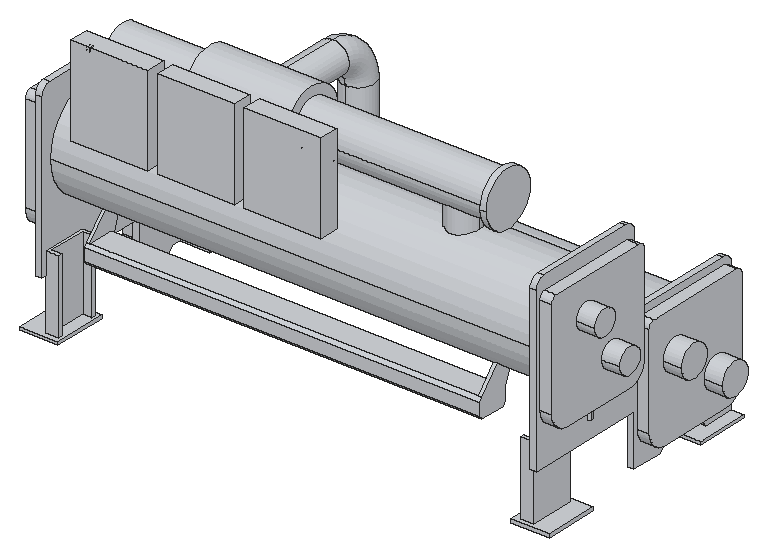
Revit family "M_Resfriador de ar de alta potência - Resfriado a água - 1055-1934 kW", category Equipamento mecânico, Revit 2019
Family settings
  Cota do conector redondo = Usar raio
  Tipo de parte = Normal
  Número OmniClass = 23.75.10.24.21.21.21
  Título OmniClass = Rotary-Screw Water Chillers
  ID de item do Seek = Screw Chiller - Water Cooled - 1055-1934 kW-0000-CAN-ENU
  Com base no plano de trabalho = Não
  Sempre na vertical = Sim
  Corte com vazios quando carregada = Não
  Compartilhado = Não
  Ponto de cálculo do ambiente = Não
Parameters (values of type "Trocador de calor tamanho 30-32")
  Voltagem = 460 V
  Estrutura visível4n5 = no
  Estrutura visível3 = yes
  Número de pólos = 3
  Classificação de carga = Refrigeração
  Raio da drenagem = 16 mm
  Fluxo da drenagem [instance] = 0.0 L/s
  Raio da água da refrigeração = Diâmetro da água da refrigeração / 2  # 125 mm
  Queda de pressão da água da refrigeração [instance] = 67600.0 Pa
  Fluxo da água da refrigeração [instance] = 118.0 L/s
  Diâmetro da água da refrigeração = 250 mm
  Capacidade de refrigeração [instance] = 1010000 W
  Largura do resfriador = 1930 mm
  Material do resfriador = none
  Comprimento do resfriador = 4350 mm
  Altura do resfriador = 2200 mm
  Raio da água resfriada = Diâmetro da água resfriada / 2  # 100 mm
  Queda de pressão da água resfriada [instance] = 66900.0 Pa
  Fluxo da água resfriada [instance] = 108.0 L/s
  Diâmetro da água resfriada = 200 mm
  C1 Deslocamento 2 = 1041 mm
  C1 Deslocamento 1 = 610 mm
  C2 Deslocamento 2 = 1422 mm
  C2 Deslocamento 1 = 361 mm
  C4 Deslocamento 2 = 762 mm
  C4 Deslocamento 1 = 1245 mm
  C3 Deslocamento 2 = 457 mm
  C3 Deslocamento 1 = 1651 mm
  Carga aparente = 192 VA
Types (7, lengths in mm): name | Estrutura visível4n5 | Estrutura visível3 | Raio da drenagem | Queda de pressão da água da refrigeração | Fluxo da água da refrigeração | Capacidade de refrigeração | Largura do resfriador | Comprimento do resfriador | Altura do resfriador | Queda de pressão da água resfriada | Fluxo da água resfriada | C1 Deslocamento 2 | C1 Deslocamento 1 | C2 Deslocamento 2 | C2 Deslocamento 1 | C4 Deslocamento 2 | C4 Deslocamento 1 | C3 Deslocamento 2 | C3 Deslocamento 1 | Carga aparente
  (no name) | no | yes | 16 | 67600.0 Pa | 118.0 L/s | 1010000 W | 1930 | 4350 | 2200 | 66900.0 Pa | 108.0 L/s | 1041 | 610 | 1422 | 361 | 762 | 1245 | 457 | 1651 | 192 VA
  Trocador de calor tamanho 30-32 | no | yes | 16 | 67600.0 Pa | 118.0 L/s | 1010000 W | 1930 | 4350 | 2200 | 66900.0 Pa | 108.0 L/s | 1041 | 610 | 1422 | 361 | 762 | 1245 | 457 | 1651 | 192 VA
  Trocador de calor tamanho 35-37 | no | yes | 16 | 67600.0 Pa | 118.0 L/s | 1010000 W | 1930 | 4871 | 2200 | 66900.0 Pa | 108.0 L/s | 1041 | 610 | 1422 | 361 | 762 | 1245 | 457 | 1651 | 192 VA
  Trocador de calor tamanho 40-42 | yes | no | 16 | 71100.0 Pa | 173.0 L/s | 1480000 W | 2045 | 4496 | 2299 | 70100.0 Pa | 154.0 L/s | 965 | 511 | 1473 | 511 | 838 | 1534 | 381 | 1534 | 300 VA
  Trocador de calor tamanho 45-47 | yes | no | 15.9 | 71100.0 Pa | 173.0 L/s | 1480000 W | 2045 | 5017 | 2299 | 70100.0 Pa | 154.0 L/s | 965 | 511 | 1473 | 511 | 838 | 1534 | 381 | 1534 | 300 VA
  Trocador de calor tamanho 50-52 | yes | no | 16 | 73500.0 Pa | 225.0 L/s | 1930000 W | 2127 | 4521 | 2305 | 72400.0 Pa | 200.0 L/s | 965 | 532 | 1473 | 532 | 838 | 1595 | 381 | 1595 | 401 VA
  Trocador de calor tamanho 55-57 | yes | no | 16 | 73500.0 Pa | 225.0 L/s | 1930000 W | 2127 | 5042 | 2305 | 72400.0 Pa | 200.0 L/s | 965 | 532 | 1473 | 532 | 838 | 1595 | 381 | 1595 | 401 VA
Reference planes
  plane 1 "Centro (Frente/Trás)": y = 0
  plane 2: z = 0
  plane 3 "Centro (Esquerda/Direita)": x = 0
  plane 4: x = 4350
  plane 5: y = 1930
  plane 6: z = 2200
  plane 7: x = 4096
  plane 8: z = 25.4
  plane 9: y = 965
  plane 10: x = 127
  plane 11: x = 177.8
  plane 12: x = 4045.2
  plane 13: z = 609.6
  plane 14: z = 1244.6
  plane 15: x = 25.4
  plane 16: x = 4172.2
  plane 17: x = 4197.6
  plane 18: x = 1524
  plane 19: z = 1946
  plane 20: x = 431.8
  plane 21: z = 1422
  plane 22: z = 1041
  plane 23: y = 361
  plane 24: y = 610
  plane 25: z = 762
  plane 26: z = 457
  plane 27: y = 1245
  plane 28: y = 1651
Forms (mm)
  Extrusion 1, solid, material <- "Material do resfriador"
    sketch origin (0, 0, 0) x (1, 0, 0) y (0, 1, 0)
      loop
        line (0, 1930) -> (0, 1498.2) -> (304.8, 1498.2) -> (304.8, 1930) -> (0, 1930)
    from 0 to 25.4
  Extrusion 2, solid, material <- "Material do resfriador"
    sketch origin (0, -1473.2, 0) x (1, 0, 0) y (0, 1, 0)
      loop
        line (0, 1905) -> (0, 1473.2) -> (304.8, 1473.2) -> (304.8, 1905) -> (0, 1905)
    from 0 to 25.4
  Extrusion 3, solid, material <- "Material do resfriador"
    sketch origin (3860.8, 0, 0) x (1, 0, 0) y (0, 1, 0)
      loop
        line (32, 1930) -> (32, 1498.2) -> (336.8, 1498.2) -> (336.8, 1930) -> (32, 1930)
    from 0 to 25.4
  Extrusion 4, solid, material <- "Material do resfriador"
    sketch origin (3860.8, -1473.2, 0) x (1, 0, 0) y (0, 1, 0)
      loop
        line (32, 1905) -> (32, 1473.2) -> (336.8, 1473.2) -> (336.8, 1905) -> (32, 1905)
    from 0 to 25.4
  Extrusion 5, solid, material <- "Material do resfriador"
    sketch origin (0, 0, 0) x (0, 1, 0) y (0, 0, 1)
      loop
        line (888.8, 1793.6) -> (76.2, 1793.6)
        arc (76.2, 1793.6) -> (22.318, 1771.282) -> (0, 1717.4) r 76.2
        line (0, 1717.4) -> (0, 431.8) -> (965, 431.8) -> (965, 1717.4)
        arc (965, 1717.4) -> (942.682, 1771.282) -> (888.8, 1793.6) r 76.2
    from 127 to 177.8
  Extrusion 6, solid, material <- "Material do resfriador"
    sketch origin (0, 0, 0) x (0, 1, 0) y (0, 0, 1)
      loop
        line (1853.8, 1143) -> (1041.2, 1143)
        arc (1041.2, 1143) -> (987.318, 1120.682) -> (965, 1066.8) r 76.2
        line (965, 1066.8) -> (965, 25.4) -> (1219, 25.4) -> (1295.2, 101.6) -> (1599.8, 101.6) -> (1676, 25.4) -> (1930, 25.4) -> (1930, 1066.8)
        arc (1930, 1066.8) -> (1907.682, 1120.682) -> (1853.8, 1143) r 76.2
    from 127 to 177.8
  Extrusion 7, solid, material <- "Material do resfriador"
    sketch origin (4096, 1524, 1219.2) x (0, 1, 0) y (0, 0, 1)
      loop
        line (-635.2, 574.4) -> (-1447.8, 574.4)
        arc (-1447.8, 574.4) -> (-1501.682, 552.082) -> (-1524, 498.2) r 76.2
        line (-1524, 498.2) -> (-1524, -787.4) -> (-559, -787.4) -> (-559, 498.2)
        arc (-559, 498.2) -> (-581.318, 552.082) -> (-635.2, 574.4) r 76.2
    from -50.8 to 0
  Extrusion 8, solid, material <- "Material do resfriador"
    sketch origin (4096, 1524, 1219.2) x (0, 1, 0) y (0, 0, 1)
      loop
        line (329.8, -76.2) -> (-482.8, -76.2)
        arc (-482.8, -76.2) -> (-536.682, -98.518) -> (-559, -152.4) r 76.2
        line (-559, -152.4) -> (-559, -1193.8) -> (-305, -1193.8) -> (-228.8, -1117.6) -> (75.8, -1117.6) -> (152, -1193.8) -> (406, -1193.8) -> (406, -152.4)
        arc (406, -152.4) -> (383.682, -98.518) -> (329.8, -76.2) r 76.2
    from -50.8 to 0
  Extrusion 9, solid, material <- "Material do resfriador"
    sketch origin (0, 0, 0) x (1, 0, 0) y (0, 1, 0)
      loop
        line (279.4, 393.7) -> (177.8, 393.7) -> (177.8, 38.1) -> (279.4, 38.1) -> (279.4, 63.5) -> (203.2, 63.5) -> (203.2, 368.3) -> (279.4, 368.3) -> (279.4, 393.7)
    from 25.4 to 609.6
  Extrusion 10, solid, material <- "Material do resfriador"
    sketch origin (5137.15, 0, 0) x (-1, 0, 0) y (0, -1, 0)
      loop
        line (1193.55, -393.7) -> (1193.55, -368.3) -> (1117.35, -368.3) -> (1117.35, -63.5) -> (1193.55, -63.5) -> (1193.55, -38.1) -> (1091.95, -38.1) -> (1091.95, -393.7) -> (1193.55, -393.7)
    from 25.4 to 609.6
  Extrusion 11, solid, material <- "Material do resfriador"
    sketch origin (4096, 1524, 1219.2) x (0, 1, 0) y (0, 0, 1)
      loop
        circle (-76.5, -609.6) r 406.4
      loop
        circle (-1041.5, 25.4) r 406.4
    from -50.8 to -3918.2
  Extrusion 12, solid, material <- "Material do resfriador", visible <- "Estrutura visível3"
    sketch origin (4096, 1524, 1219.2) x (0, 1, 0) y (0, 0, 1)
      loop
        line (329.8, -127) -> (-482.8, -127)
        arc (-482.8, -127) -> (-518.721, -141.879) -> (-533.6, -177.8) r 50.8
        line (-533.6, -177.8) -> (-533.6, -965.2)
        arc (-533.6, -965.2) -> (-488.963, -1072.963) -> (-381.2, -1117.6) r 152.4
        line (-381.2, -1117.6) -> (228.2, -1117.6)
        arc (228.2, -1117.6) -> (335.963, -1072.963) -> (380.6, -965.2) r 152.4
        line (380.6, -965.2) -> (380.6, -177.8)
        arc (380.6, -177.8) -> (365.721, -141.879) -> (329.8, -127) r 50.8
    from -3969 to -4070.6
  Extrusion 13, solid, material <- "Material do resfriador", visible <- "Estrutura visível3"
    sketch origin (4096, 1524, 1219.2) x (0, 1, 0) y (0, 0, 1)
      loop
        line (-635.2, 472.8) -> (-1447.8, 472.8)
        arc (-1447.8, 472.8) -> (-1483.721, 457.921) -> (-1498.6, 422) r 50.8
        line (-1498.6, 422) -> (-1498.6, -355.6)
        arc (-1498.6, -355.6) -> (-1453.963, -463.363) -> (-1346.2, -508) r 152.4
        line (-1346.2, -508) -> (-736.8, -508)
        arc (-736.8, -508) -> (-629.037, -463.363) -> (-584.4, -355.6) r 152.4
        line (-584.4, -355.6) -> (-584.4, 422)
        arc (-584.4, 422) -> (-599.279, 457.921) -> (-635.2, 472.8) r 50.8
    from -3969 to -4070.6
  Extrusion 14, solid, material <- "Material do resfriador", visible <- "Estrutura visível4n5"
    sketch origin (4096, 1524, 1219.2) x (0, 1, 0) y (0, 0, 1)
      loop
        circle (-76.5, -609.6) r 469.9
    from -3994.4 to -3969
  Extrusion 15, solid, material <- "Material do resfriador", visible <- "Estrutura visível4n5"
    sketch origin (4096, 1524, 1219.2) x (0, 1, 0) y (0, 0, 1)
      loop
        circle (-76.5, -609.6) r 406.4
    from -4070.6 to -3994.4
  Extrusion 16, solid, material <- "Material do resfriador", visible <- "Estrutura visível4n5"
    sketch origin (4096, 378.43, 1854.2) x (0, 1, 0) y (0, 0, 1)
      loop
        circle (104.07, -609.6) r 469.9
    from -3994.4 to -3969
  Extrusion 17, solid, material <- "Material do resfriador", visible <- "Estrutura visível4n5"
    sketch origin (4096, 378.43, 1854.2) x (0, 1, 0) y (0, 0, 1)
      loop
        circle (104.07, -609.6) r 406.4
    from -4070.6 to -3994.4
  Extrusion 18, solid, material <- "Material do resfriador", visible <- "Estrutura visível3"
    sketch origin (0, 0, 0) x (0, 1, 0) y (0, 0, 1)
      loop
        arc (76.2, 1692) -> (40.279, 1677.121) -> (25.4, 1641.2) r 50.8
        line (25.4, 1641.2) -> (25.4, 863.6)
        arc (25.4, 863.6) -> (70.037, 755.837) -> (177.8, 711.2) r 152.4
        line (177.8, 711.2) -> (787.2, 711.2)
        arc (787.2, 711.2) -> (894.963, 755.837) -> (939.6, 863.6) r 152.4
        line (939.6, 863.6) -> (939.6, 1641.2)
        arc (939.6, 1641.2) -> (924.721, 1677.121) -> (888.8, 1692) r 50.8
        line (888.8, 1692) -> (76.2, 1692)
    from 4096 to 4197.6
  Extrusion 19, solid, material <- "Material do resfriador", visible <- "Estrutura visível3"
    sketch origin (0, 0, 0) x (0, 1, 0) y (0, 0, 1)
      loop
        arc (1041.2, 1092.2) -> (1005.279, 1077.321) -> (990.4, 1041.4) r 50.8
        line (990.4, 1041.4) -> (990.4, 304.8)
        arc (990.4, 304.8) -> (1035.037, 197.037) -> (1142.8, 152.4) r 152.4
        line (1142.8, 152.4) -> (1752.2, 152.4)
        arc (1752.2, 152.4) -> (1859.963, 197.037) -> (1904.6, 304.8) r 152.4
        line (1904.6, 304.8) -> (1904.6, 1041.4)
        arc (1904.6, 1041.4) -> (1889.721, 1077.321) -> (1853.8, 1092.2) r 50.8
        line (1853.8, 1092.2) -> (1041.2, 1092.2)
    from 4096 to 4197.6
  Extrusion 20, solid, material <- "Material do resfriador", visible <- "Estrutura visível4n5"
    sketch origin (4096, 1524, 1219.2) x (0, 1, 0) y (0, 0, 1)
      loop
        circle (-1041.5, 25.4) r 469.9
      loop
        circle (-76.5, -609.6) r 469.9
    from 0 to 76.2
  Extrusion 21, solid, material <- "Material do resfriador", visible <- "Estrutura visível4n5"
    sketch origin (4096, 1524, 1219.2) x (0, 1, 0) y (0, 0, 1)
      loop
        circle (-1041.5, 25.4) r 406.4
      loop
        circle (-76.5, -609.6) r 406.4
    from 76.2 to 101.6
  Extrusion 22, solid, material <- "Material do resfriador"
    sketch origin (4096, 1524, 1219.2) x (0, 1, 0) y (0, 0, 1)
      loop
        circle (-1041.5, 726.8) r 177.8
    from -3664.2 to -660.4
  Extrusion 23, solid, material <- "Material do resfriador"
    sketch origin (4096, 1524, 1219.2) x (0, 1, 0) y (0, 0, 1)
      loop
        circle (-1041.5, 726.8) r 215.9
    from -660.4 to -609.6
  Extrusion 24, solid, material <- "Material do resfriador"
    sketch origin (4096, 1524, 1219.2) x (0, 1, 0) y (0, 0, 1)
      loop
        circle (-1041.5, 726.8) r 254
    from -2165.6 to -2978.4
  Sweep 25, solid, material <- "Material do resfriador"
    path origin (1524, -4572, 2609.058) x (0, 0, 1) y (0, -1, 0)
      loop
        line (-663.058, -5054.5) -> (-663.058, -5765.5)
        arc (-663.058, -5765.5) -> (-737.453, -5945.105) -> (-917.058, -6019.5) r 254
        line (-917.058, -6019.5) -> (-1999.458, -6019.5)
    profile origin (1524, 838, 1946) x (0, 0, 1) y (1, 0, 0)
      loop
        circle (0, 0) r 127
  Extrusion 26, solid, material <- "Material do resfriador"
    sketch origin (0, 0, 0) x (1, 0, 0) y (0, 1, 0)
      loop
        circle (736.6, 482.5) r 127
      loop
        circle (3130.8, 482.5) r 127
    from 1244.6 to 1946
  Extrusion 27, solid, material <- "Material do resfriador"
    sketch origin (0, 0, 0) x (1, 0, 0) y (0, 0, 1)
      loop
        line (406.4, 2200) -> (406.4, 1488.8) -> (1016, 1488.8) -> (1016, 2200) -> (406.4, 2200)
      loop
        line (1092.2, 2200) -> (1092.2, 1488.8) -> (1701.8, 1488.8) -> (1701.8, 2200) -> (1092.2, 2200)
      loop
        line (1778, 2200) -> (1778, 1488.8) -> (2387.6, 1488.8) -> (2387.6, 2200) -> (1778, 2200)
    from 0 to -152.4
  Extrusion 28, solid, material <- "Material do resfriador"
    sketch origin (1524, -4572, 2609.058) x (0, 0, 1) y (0, -1, 0)
      loop
        line (-1847.058, -4838.7) -> (-1847.058, -4635.5) -> (-1872.458, -4610.1) -> (-1974.058, -4610.1) -> (-1999.458, -4635.5) -> (-1999.458, -4838.7) -> (-1974.058, -4864.1) -> (-1872.458, -4864.1) -> (-1847.058, -4838.7)
    from -1041.4 to 2089.4
  Extrusion 29, solid, material <- "Material do resfriador"
    sketch origin (1524, -4572, 2609.058) x (0, 0, 1) y (0, -1, 0)
      loop
        line (-1872.458, -4864.1) -> (-1364.458, -5054.5) -> (-1847.058, -4635.5) -> (-1847.058, -4838.7) -> (-1872.458, -4864.1)
    from -1041.4 to -1016
  Extrusion 30, solid, material <- "Material do resfriador"
    sketch origin (1524, -4572, 2609.058) x (0, 0, 1) y (0, -1, 0)
      loop
        line (-1872.458, -4864.1) -> (-1364.458, -5054.5) -> (-1847.058, -4635.5) -> (-1847.058, -4838.7) -> (-1872.458, -4864.1)
    from 2064 to 2089.4
  Extrusion 31, solid, material <- "Material do resfriador"
    sketch origin (4096, 1524, 1219.2) x (0, 1, 0) y (0, 0, 1)
      loop
        circle (-1163, 202.8) r 100
      loop
        circle (-914, -178.2) r 100
      loop
        circle (-279, -457.2) r 125
      loop
        circle (127, -762.2) r 125
    from 101.6 to 254
  Extrusion 32, solid, material <- "Material do resfriador"
    sketch origin (0, 0, 0) x (1, 0, 0) y (0, 1, 0)
      loop
        circle (4134.1, 482.5) r 16
    from 609.6 to 1244.6
  Extrusion 33, solid, material <- "Material do resfriador"
    sketch origin (0, 0, 0) x (1, 0, 0) y (0, 1, 0)
      loop
        line (533.4, 25.4) -> (533.4, 0) -> (558.8, 0) -> (558.8, 25.4) -> (533.4, 25.4)
    from 2174.6 to 2200
Cuts and joins
  joined: Extrusion 1, Extrusion 2, Extrusion 3, Extrusion 4, Extrusion 5, Extrusion 6, Extrusion 7, Extrusion 8, Extrusion 9, Extrusion 10, Extrusion 11, Extrusion 22, Extrusion 23, Extrusion 24, Sweep 25, Extrusion 26, Extrusion 27, Extrusion 28, Extrusion 29, Extrusion 30, Extrusion 31
Lines and regions (mm)
  model lines
    curve 1: line (457.2, 0, 1742.8) -> (584.2, 0, 1742.8)
    curve 2: line (457.2, 0, 1539.6) -> (457.2, 0, 1742.8)
    curve 3: line (584.2, 0, 1539.6) -> (457.2, 0, 1539.6)
    curve 4: line (584.2, 0, 1742.8) -> (584.2, 0, 1539.6)
    curve 5: line (736.6, 0, 2123.8) -> (965.2, 0, 2123.8)
    curve 6: line (736.6, 0, 1996.8) -> (736.6, 0, 2123.8)
    curve 7: line (965.2, 0, 1996.8) -> (736.6, 0, 1996.8)
    curve 8: line (965.2, 0, 2123.8) -> (965.2, 0, 1996.8)
    curve 9: line (736.6, 0, 2102.633) -> (965.2, 0, 2102.633)
    curve 10: line (965.2, 0, 2081.467) -> (736.6, 0, 2081.467)
    curve 11: line (736.6, 0, 2060.3) -> (965.2, 0, 2060.3)
    curve 12: line (965.2, 0, 2039.133) -> (736.6, 0, 2039.133)
    curve 13: line (736.6, 0, 2017.967) -> (965.2, 0, 2017.967)
Dimensions and locks
  "Comprimento do resfriador": plane 3 "Centro (Esquerda/Direita)" to plane 4
  "Largura do resfriador": plane 5 to plane 1 "Centro (Frente/Trás)"
  "Altura do resfriador": plane 6 to plane 2
  locked: plane 7 to plane 4 at 254
  locked: Extrusion 1 sketch curve to Extrusion 1 sketch curve at 304.8
  locked: Extrusion 1 sketch curve to Extrusion 1 sketch curve at 431.8
  locked: Extrusion 2 sketch curve to Extrusion 2 sketch curve at 304.8
  locked: Extrusion 2 sketch curve to Extrusion 2 sketch curve at 431.8
  locked: Extrusion 3 sketch curve to Extrusion 3 sketch curve at 304.8
  locked: Extrusion 3 sketch curve to Extrusion 3 sketch curve at 431.8
  locked: Extrusion 3 sketch curve to plane 4 at 457.2
  locked: Extrusion 4 sketch curve to Extrusion 4 sketch curve at 304.8
  locked: Extrusion 4 sketch curve to Extrusion 4 sketch curve at 431.8
  locked: Extrusion 4 sketch curve to plane 4 at 457.2
  locked: plane 8 to plane 2 at 25.4
  equal spacing: plane 5, plane 9, plane 1 "Centro (Frente/Trás)"
  locked: plane 6 to Extrusion 5 sketch curve at 406.4
  locked: Extrusion 5 sketch curve to plane 8 at 406.4
  locked: plane 8 to Extrusion 6 sketch curve at 76.2
  locked: plane 5 to Extrusion 6 sketch curve at 254
  locked: plane 5 to Extrusion 6 sketch curve at 330.2
  locked: Extrusion 6 sketch curve to plane 9 at 330.2
  locked: Extrusion 6 sketch curve to plane 9 at 254
  locked: plane 8 to Extrusion 6 sketch curve at 1117.6
  locked: plane 3 "Centro (Esquerda/Direita)" to plane 10 at 127
  locked: plane 10 to plane 11 at 50.8
  locked: plane 12 to plane 7 at 50.8
  locked: Extrusion 2 to Extrusion 9 sketch curve at 38.1  (x2)
  locked: plane 11 to Extrusion 9 sketch curve at 101.6  (x2)
  locked: Extrusion 9 sketch curve to Extrusion 9 sketch curve at 25.4  (x3)
  locked: plane 13 to Extrusion 5 at 177.8
  locked: Extrusion 10 sketch curve to Extrusion 10 sketch curve at 25.4  (x3)
  locked: Extrusion 4 to Extrusion 10 sketch curve at 38.1  (x2)
  locked: Extrusion 10 sketch curve to plane 12 at 101.6  (x2)
  locked: plane 14 to plane 8 at 1219.2
  equal spacing: plane 5, Extrusion 11 sketch curve, plane 9
  equal spacing: plane 9, Extrusion 11 sketch curve, plane 1 "Centro (Frente/Trás)"
  locked: plane 5 to Extrusion 12 sketch curve at 25.4
  locked: Extrusion 12 sketch curve to plane 9 at 25.4
  locked: Extrusion 6 to Extrusion 12 sketch curve at 50.8
  locked: Extrusion 13 sketch curve to Extrusion 5 at 279.4
  locked: Extrusion 5 to Extrusion 13 sketch curve at 101.6
  locked: plane 9 to Extrusion 13 sketch curve at 25.4
  locked: Extrusion 13 sketch curve to plane 1 "Centro (Frente/Trás)" at 25.4
  locked: plane 15 to plane 10 at 101.6
  equal spacing: plane 5, Extrusion 14 sketch curve, plane 9
  equal spacing: plane 5, Extrusion 15 sketch curve, plane 9
  locked: Extrusion 14 to plane 10 at 25.4
  equal spacing: plane 9, Extrusion 16 sketch curve, plane 1 "Centro (Frente/Trás)"
  equal spacing: plane 9, Extrusion 17 sketch curve, plane 1 "Centro (Frente/Trás)"
  locked: Extrusion 16 to plane 10 at 25.4
  locked: plane 7 to plane 16 at 76.2
  locked: plane 16 to plane 17 at 25.4
  locked: Extrusion 12 to Extrusion 19 sketch curve at 50.8
  equal spacing: plane 1 "Centro (Frente/Trás)", Extrusion 20 sketch curve, plane 9
  equal spacing: plane 9, Extrusion 20 sketch curve, plane 5
  equal spacing: plane 1 "Centro (Frente/Trás)", Extrusion 21 sketch curve, plane 9
  equal spacing: plane 9, Extrusion 21 sketch curve, plane 5
  locked: plane 18 to plane 3 "Centro (Esquerda/Direita)" at 1524
  locked: plane 6 to plane 19 at 254
  equal spacing: plane 9, Extrusion 22 sketch curve, plane 1 "Centro (Frente/Trás)"
  locked: plane 11 to plane 20 at 254
  locked: Extrusion 22 to plane 12 at 609.6
  equal spacing: plane 9, Extrusion 23 sketch curve, plane 1 "Centro (Frente/Trás)"
  locked: Extrusion 23 to Extrusion 23 at 50.8
  equal spacing: plane 9, Extrusion 24 sketch curve, plane 1 "Centro (Frente/Trás)"
  equal spacing: Extrusion 24, plane 18, Extrusion 24
  locked: Extrusion 24 to Extrusion 24 at 812.8
  equal spacing: plane 5, Sweep 25 sketch curve, plane 9
  equal spacing: plane 9, Sweep 25 sketch curve, plane 1 "Centro (Frente/Trás)"
  equal spacing: plane 1 "Centro (Frente/Trás)", Extrusion 26 sketch curve, plane 9  (x2)
  locked: plane 20 to Extrusion 26 sketch curve at 304.8
  Extrusion 26 sketch curve to Extrusion 23 = 304.8 mm
  locked: Extrusion 27 sketch curve to Extrusion 27 sketch curve at 609.6  (x3)
  locked: Extrusion 27 sketch curve to Extrusion 27 sketch curve at 711.2  (x3)
  locked: Extrusion 27 sketch curve to plane 11 at 228.6
  locked: Extrusion 27 sketch curve to Extrusion 27 sketch curve at 76.2  (x2)
  locked: plane 1 "Centro (Frente/Trás)" to Extrusion 27 at 152.4
  Extrusion 28 sketch curve to Extrusion 28 sketch curve = 152.4 mm
  locked: Extrusion 28 sketch curve to Extrusion 28 sketch curve at 254
  locked: Extrusion 28 sketch curve to Extrusion 28 sketch curve at 25.4  (x6)
  locked: Extrusion 28 sketch curve to Extrusion 9 at 25.4
  locked: Extrusion 28 to plane 11 at 304.8
  locked: plane 12 to Extrusion 28 at 431.8
  locked: Extrusion 27 to curve 2 at 50.8
  locked: curve 3 to Extrusion 27 at 50.8
  locked: curve 4 to curve 2 at 127
  locked: curve 1 to curve 3 at 203.2
  Extrusion 27 to curve 5 = 76.2 mm
  locked: curve 8 to Extrusion 27 at 50.8
  curve 5 to curve 7 = 127 mm
  locked: curve 6 to curve 8 at 228.6
  equal spacing: curve 5, curve 9, curve 10, curve 11, curve 12, curve 13, curve 7
  equal spacing: plane 9, Extrusion 29 sketch curve, plane 1 "Centro (Frente/Trás)"
  locked: Extrusion 29 to Extrusion 29 at 25.4
  locked: Extrusion 30 to Extrusion 30 at 25.4
  "C2 Deslocamento 2": plane 21 to plane 2
  "C1 Deslocamento 2": plane 22 to plane 2
  "C4 Deslocamento 2": plane 25 to plane 2
  "C3 Deslocamento 2": plane 26 to plane 2
  "C2 Deslocamento 1": plane 1 "Centro (Frente/Trás)" to plane 23
  "C1 Deslocamento 1": plane 1 "Centro (Frente/Trás)" to plane 24
  "C3 Deslocamento 1": plane 1 "Centro (Frente/Trás)" to plane 28
  "C4 Deslocamento 1": plane 1 "Centro (Frente/Trás)" to plane 27
  equal spacing: plane 1 "Centro (Frente/Trás)", Extrusion 32 sketch curve, plane 9
  equal spacing: plane 7, Extrusion 32 sketch curve, plane 16
  locked: Extrusion 27 to Extrusion 33 sketch curve at 127
  locked: Extrusion 33 sketch curve to Extrusion 33 sketch curve at 25.4  (x2)
  locked: Extrusion 27 to Extrusion 33 at 25.4
  radius of Extrusion 5 sketch curve = 76.2 mm  (x2)
  radius of Extrusion 6 sketch curve = 76.2 mm  (x2)
  radius of Extrusion 7 sketch curve = 76.2 mm  (x2)
  radius of Extrusion 8 sketch curve = 76.2 mm  (x2)
  radius of Extrusion 11 sketch curve = 406.4 mm  (x2)
  radius of Extrusion 12 sketch curve = 152.4 mm  (x2)
  radius of Extrusion 12 sketch curve = 50.8 mm  (x2)
  radius of Extrusion 13 sketch curve = 50.8 mm  (x2)
  radius of Extrusion 13 sketch curve = 152.4 mm  (x2)
  radius of Extrusion 14 sketch curve = 469.9 mm
  radius of Extrusion 15 sketch curve = 406.4 mm
  radius of Extrusion 16 sketch curve = 469.9 mm
  radius of Extrusion 17 sketch curve = 406.4 mm
  radius of Extrusion 19 sketch curve = 50.8 mm  (x2)
  radius of Extrusion 18 sketch curve = 50.8 mm  (x2)
  radius of Extrusion 18 sketch curve = 152.4 mm  (x2)
  radius of Extrusion 19 sketch curve = 152.4 mm  (x2)
  radius of Extrusion 20 sketch curve = 469.9 mm  (x2)
  radius of Extrusion 21 sketch curve = 406.4 mm  (x2)
  radius of Extrusion 22 sketch curve = 177.8 mm
  radius of Extrusion 23 sketch curve = 215.9 mm
  radius of Extrusion 24 sketch curve = 254 mm
  radius of Sweep 25 sketch curve = 127 mm
  radius of Extrusion 26 sketch curve = 127 mm  (x2)
  "Raio da água resfriada": radius of Extrusion 31 sketch curve  (x2)
  "Raio da água da refrigeração": radius of Extrusion 31 sketch curve  (x2)
  "Raio da drenagem": radius of Extrusion 32 sketch curve
  aligned and locked: plane 3 "Centro (Esquerda/Direita)" to Extrusion 1 sketch curve
  aligned and locked: Extrusion 1 sketch curve to plane 5
  aligned and locked: plane 3 "Centro (Esquerda/Direita)" to Extrusion 2 sketch curve
  aligned and locked: Extrusion 2 sketch curve to plane 1 "Centro (Frente/Trás)"
  aligned and locked: Extrusion 3 sketch curve to plane 5
  aligned and locked: Extrusion 4 sketch curve to plane 1 "Centro (Frente/Trás)"
  aligned and locked: Extrusion 1 to plane 2
  aligned and locked: Extrusion 2 to plane 2
  aligned and locked: plane 8 to Extrusion 2
  aligned and locked: plane 8 to Extrusion 1
  aligned and locked: Extrusion 3 to plane 2
  aligned and locked: Extrusion 4 to plane 2
  aligned and locked: plane 8 to Extrusion 4
  aligned and locked: plane 8 to Extrusion 3
  aligned and locked: plane 1 "Centro (Frente/Trás)" to Extrusion 5 sketch curve
  aligned and locked: plane 8 to Extrusion 6 sketch curve
  aligned and locked: plane 9 to Extrusion 6 sketch curve  (x2)
  aligned and locked: plane 5 to Extrusion 6 sketch curve
  aligned and locked: Extrusion 5 to plane 10
  aligned and locked: plane 11 to Extrusion 5
  aligned and locked: plane 11 to Extrusion 6
  aligned and locked: Extrusion 6 to plane 10
  aligned and locked: Extrusion 7 sketch curve to Extrusion 5  (x2)
  aligned and locked: Extrusion 5 to Extrusion 7 sketch curve
  aligned and locked: plane 9 to Extrusion 7 sketch curve
  aligned and locked: Extrusion 6 to Extrusion 8 sketch curve
  aligned and locked: Extrusion 8 sketch curve to Extrusion 6  (x6)
  aligned and locked: Extrusion 8 sketch curve to plane 8
  aligned and locked: Extrusion 7 to plane 12
  aligned and locked: Extrusion 8 to plane 12
  aligned and locked: plane 7 to Extrusion 7
  aligned and locked: plane 7 to Extrusion 8
  aligned and locked: Extrusion 9 sketch curve to plane 11
  aligned and locked: Extrusion 9 to plane 8
  aligned and locked: plane 13 to Extrusion 9
  aligned and locked: Extrusion 10 sketch curve to plane 12
  aligned and locked: plane 13 to Extrusion 10
  aligned and locked: Extrusion 10 to plane 8
  aligned and locked: plane 14 to Extrusion 11 sketch curve
  aligned and locked: Extrusion 11 to plane 11
  aligned and locked: plane 12 to Extrusion 11
  aligned and locked: Extrusion 12 sketch curve to Extrusion 6
  aligned and locked: plane 10 to Extrusion 12
  aligned and locked: Extrusion 12 to plane 15
  aligned and locked: Extrusion 12 to Extrusion 13
  aligned and locked: plane 10 to Extrusion 13
  aligned and locked: plane 13 to Extrusion 14 sketch curve
  aligned and locked: plane 13 to Extrusion 15 sketch curve
  aligned and locked: Extrusion 14 to plane 10
  aligned and locked: Extrusion 15 to plane 15
  aligned and locked: plane 14 to Extrusion 16 sketch curve
  aligned and locked: plane 14 to Extrusion 17 sketch curve
  aligned and locked: plane 10 to Extrusion 16
  aligned and locked: Extrusion 17 to plane 15
  aligned and locked: Extrusion 17 to Extrusion 14
  aligned and locked: Extrusion 15 to Extrusion 14
  aligned and locked: plane 13 to Extrusion 11 sketch curve
  aligned and locked: Extrusion 18 sketch curve to Extrusion 13  (x3)
  aligned and locked: Extrusion 19 sketch curve to Extrusion 12  (x3)
  aligned and locked: Extrusion 18 to plane 7
  aligned and locked: Extrusion 19 to plane 7
  aligned and locked: plane 14 to Extrusion 20 sketch curve
  aligned and locked: plane 13 to Extrusion 20 sketch curve
  aligned and locked: plane 16 to Extrusion 20
  aligned and locked: plane 14 to Extrusion 21 sketch curve
  aligned and locked: plane 13 to Extrusion 21 sketch curve
  aligned and locked: Extrusion 21 to plane 16
  aligned and locked: plane 17 to Extrusion 21
  aligned and locked: plane 17 to Extrusion 18
  aligned and locked: plane 17 to Extrusion 19
  aligned and locked: plane 19 to Extrusion 22 sketch curve
  aligned and locked: Extrusion 22 to plane 20
  aligned and locked: plane 19 to Extrusion 23 sketch curve
  aligned and locked: Extrusion 23 to Extrusion 22
  aligned and locked: plane 19 to Extrusion 24 sketch curve
  aligned and locked: plane 13 to Sweep 25 sketch curve
  aligned and locked: plane 19 to Sweep 25 sketch curve
  aligned and locked: plane 19 to Extrusion 26
  aligned and locked: Extrusion 26 to plane 14
  aligned and locked: Extrusion 27 sketch curve to plane 6  (x3)
  aligned and locked: Extrusion 27 to plane 1 "Centro (Frente/Trás)"
  aligned and locked: plane 13 to Extrusion 28 sketch curve
  aligned and locked: Extrusion 28 sketch curve to Extrusion 9
  aligned and locked: Extrusion 29 sketch curve to Extrusion 28  (x3)
  aligned and locked: Extrusion 28 to Extrusion 29 sketch curve  (x2)
  aligned and locked: Extrusion 29 to Extrusion 28
  aligned and locked: Extrusion 30 sketch curve to cut or joined group 1 (Extrusion 1, Extrusion 2, Extrusion 3, Extrusion 4, Extrusion 5, Extrusion 6, Extrusion 7, Extrusion 8, Extrusion 9, Extrusion 10, Extrusion 11, Extrusion 22, Extrusion 23, Extrusion 24, Sweep 25, Extrusion 26, Extrusion 27, Extrusion 28, Extrusion 29, Extrusion 30, Extrusion 31)  (x3)
  aligned and locked: plane 14 to Extrusion 30 sketch curve
  aligned and locked: cut or joined group 1 to Extrusion 30 sketch curve
  aligned and locked: cut or joined group 1 to Extrusion 30
  aligned and locked: plane 23 to Extrusion 31 sketch curve
  aligned and locked: plane 21 to Extrusion 31 sketch curve
  aligned and locked: plane 24 to Extrusion 31 sketch curve
  aligned and locked: plane 22 to Extrusion 31 sketch curve
  aligned and locked: plane 27 to Extrusion 31 sketch curve
  aligned and locked: plane 25 to Extrusion 31 sketch curve
  aligned and locked: plane 28 to Extrusion 31 sketch curve
  aligned and locked: plane 26 to Extrusion 31 sketch curve
  aligned and locked: Extrusion 31 to plane 17
  aligned and locked: plane 4 to Extrusion 31
  aligned and locked: plane 14 to Extrusion 32
  aligned and locked: Extrusion 9 to Extrusion 32
  aligned and locked: Extrusion 27 to Extrusion 33
  aligned and locked: plane 6 to Extrusion 33
Automatic sketch dimensions
  Extrusion 5 sketch curve to plane 9 = 0 mm
  Extrusion 6 sketch curve to plane 8 = 0 mm
  Extrusion 8 sketch curve to plane 5 = 0 mm
  Sweep 25 sketch curve to plane 19 = 254 mm
  Sweep 25 sketch curve to plane 18 = 0 mm
  Sweep 25 sketch curve to profile plane = 0 mm
  plane 13 to Extrusion 28 sketch curve = 25.4 mm
  curve 8 to curve 5 = 127 mm
  Extrusion 29 sketch curve to plane 14 = 0 mm
  Extrusion 33 sketch curve to plane 1 "Centro (Frente/Trás)" = 0 mm
Connectors
  piping at (4350, 610, 1041), diameter 200, driven by "Fluxo da água resfriada", driven by "Raio da água resfriada"
    settings: on Extrusion 31, index 1, connector inside diameter 200 mm, connector length 0 mm, flow factor 0, pipe flow 108.0 L/s, pressure drop 0.0 Pa, fitting loss kfactor 0, connector angle 0.00°, fixture units 0, engagement length 0 mm, angle of deflection 0.00°, flow configuration 0, flow direction 1, fitting loss method 4, system type 8, joint type 0, gender type 0, connector reference index 2, connector utility 0, adjustable connector no, is connector primary yes, connector description "Entrada de água resfriada"
  piping at (4350, 361, 1422), diameter 200, driven by "Fluxo da água resfriada", driven by "Raio da água resfriada", driven by "Queda de pressão da água resfriada"
    settings: on Extrusion 31, index 2, connector inside diameter 200 mm, connector length 0 mm, flow factor 0, pipe flow 108.0 L/s, pressure drop 66900.0 Pa, fitting loss kfactor 0, connector angle 0.00°, fixture units 0, engagement length 0 mm, angle of deflection 0.00°, flow configuration 0, flow direction 2, fitting loss method 4, system type 7, joint type 0, gender type 0, connector reference index 1, connector utility 0, adjustable connector no, is connector primary no, connector description "Saída de água resfriada"
  piping at (4350, 1651, 457), diameter 250, driven by "Fluxo da água da refrigeração", driven by "Raio da água da refrigeração"
    settings: on Extrusion 31, index 3, connector inside diameter 250 mm, connector length 0 mm, flow factor 0, pipe flow 118.0 L/s, pressure drop 0.0 Pa, fitting loss kfactor 0, connector angle 0.00°, fixture units 0, engagement length 0 mm, angle of deflection 0.00°, flow configuration 1, flow direction 1, fitting loss method 4, system type 7, joint type 0, gender type 0, connector reference index 4, connector utility 0, adjustable connector no, is connector primary no, connector description "Entrada da água da refrigeração"
  piping at (4350, 1245, 762), diameter 250, driven by "Fluxo da água da refrigeração", driven by "Raio da água da refrigeração", driven by "Queda de pressão da água da refrigeração"
    settings: on Extrusion 31, index 4, connector inside diameter 250 mm, connector length 0 mm, flow factor 0, pipe flow 118.0 L/s, pressure drop 67600.0 Pa, fitting loss kfactor 0, connector angle 0.00°, fixture units 0, engagement length 0 mm, angle of deflection 0.00°, flow configuration 1, flow direction 2, fitting loss method 4, system type 8, joint type 0, gender type 0, connector reference index 3, connector utility 0, adjustable connector no, is connector primary no, connector description "Saída da água da refrigeração"
  piping at (4134.1, 482.5, 609.6), diameter 32, driven by "Raio da drenagem", driven by "Fluxo da drenagem"
    settings: on Extrusion 32, index 5, connector inside diameter 32 mm, connector length 0 mm, flow factor 0, pipe flow 0.0 L/s, pressure drop 0.0 Pa, fitting loss kfactor 0, connector angle 0.00°, fixture units 0, engagement length 0 mm, angle of deflection 0.00°, flow configuration 1, flow direction 2, fitting loss method 0, system type 16, joint type 0, gender type 0, connector reference index -1, connector utility 0, adjustable connector yes, is connector primary no, connector description "Saída da drenagem"
  electrical at (546.1, 12.7, 2200), driven by "Número de pólos", driven by "Voltagem", driven by "Carga aparente", driven by "Classificação de carga"
    settings: on Extrusion 33, index 6, voltage 460 V, apparent load 192 VA, apparent load phase1 0 VA, apparent load phase2 0 VA, apparent load phase3 0 VA, power factor 0.8, load classification "Refrigeração", number of poles 3, system type 30, power factor state 1, is connector primary yes, connector utility no, sub classification motor no, connector description ""
